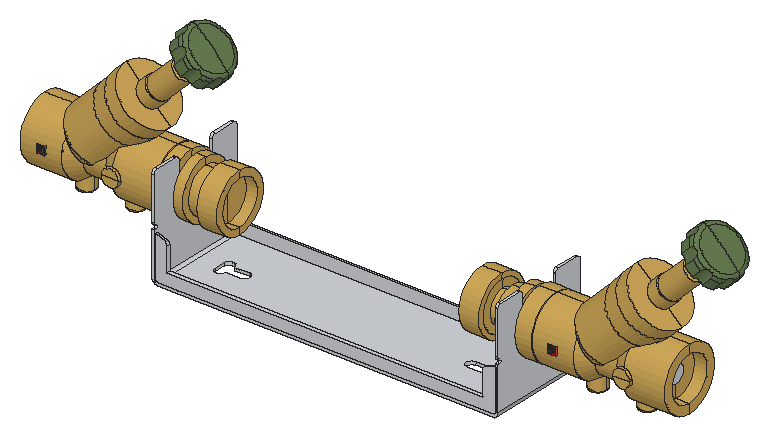
Revit family "HERZ Kit For Connection Of Water Meters 4126", category Rohrzubehör, Revit 2020
Family settings
  Bemaßung runder Anschluss = Durchmesser verwenden
  Teiletyp = Unterbricht
  OmniClass-Nummer = 23.65.55.14
  OmniClass-Titel = Valves for Liquid Services
  Arbeitsebenenbasiert = Nein
  Immer vertikal = Ja
  Beim Laden mit Abzugskörper schneiden = Nein
  Gemeinsam genutzt = Nein
Parameters
  Vorgabe-Ansicht = 0.000 mm
  Upper part = "DZR brass CC752S"  # constant formula
  Spring = "stainless steel 1.4310"  # constant formula
  Spindle seals = "double O-Ring"  # constant formula
  Sealing = "physiologically harmless material acc. to KTW"  # constant formula
  Operating pressure from the backflow preventer = "acc. to DIN EN 13959"  # constant formula
  W01 = 20.00°  # constant formula
  URL = "www.herzvalves.com"
  T03 [instance] = R02 - 3.000 mm  # 54.500 mm
  T02 = 17.000 mm  # constant formula
  T01 = 3.000 mm  # constant formula
  SW03 [instance] = size_lookup("4126W_", "SW3", 1.000 mm, Nennweite AG)  # 32.500 mm
  SW02 [instance] = size_lookup("4126W_", "SW2", 1.000 mm, Nennweite AG)  # 32.500 mm
  SW01 [instance] = size_lookup("4126W_", "SW1", 1.000 mm, Nennweite AG)  # 35.000 mm
  SC_NennweiteBerechnet = 0
  SC_Dimension = ""
  SCTWSEQ = "AW;SBT_TYP_AW=\"105\";2"
  SCTWCODE = "02;01;02"  # constant formula
  S05 [instance] = L02 + L12 - L03  # 214.500 mm
  S04 [instance] = L02 + L04 - L03  # 211.500 mm
  S03 = 10.000 mm  # constant formula
  S02 [instance] = Nennweite IG  # 50.000 mm
  S01 [instance] = L01 - L03  # 56.000 mm
  S = 3.000 mm  # constant formula
  R50 = 4.000 mm  # constant formula
  R02 [instance] = size_lookup("4126W_", "R2", 1.000 mm, Nennweite AG)  # 57.500 mm
  R01 [instance] = size_lookup("4126W_", "R1", 1.000 mm, Nennweite AG)  # 24.000 mm
  Part number [instance] = size_lookup("4126W_", "Artnr", 0, Nennweite AG)  # 2412666
  Note = "Pursuant to Article 33 of the REACH Regulation (EC No. 1907/2006), we are obliged to point out that the material lead is listed on the SVHC list and that all brass components manufactured in our products exceed 0.1% (w / w) lead (CAS: 7439-92-1 / EINECS: 231-100-4).\r\nSince lead is a component part of an alloy, actual exposure is not possible and therefore no additional information on safe use is necessary."
  Nennweite IG [instance] = size_lookup("4126W_", "DN1", 1.000 mm, Nennweite AG)  # 50.000 mm
  Nennweite AG [instance] = 50.000 mm
  Medium = "Water"  # constant formula
  Max. operating temperature = 80 °C  # constant formula
  Max. operating pressure = 1600000.0 Pa  # constant formula
  Max. differential pressure on closed seat = 1000000.0 Pa  # constant formula
  L99 [instance] = size_lookup("4126W_", "L99", 1.000 mm, Nennweite AG)  # 300.000 mm
  L15 = 2.000 mm  # constant formula
  L14 [instance] = size_lookup("4126W_", "L14", 1.000 mm, Nennweite AG)  # 64.000 mm
  L13 [instance] = size_lookup("4126W_", "L13", 1.000 mm, Nennweite AG)  # 54.500 mm
  L12 [instance] = size_lookup("4126W_", "L12", 1.000 mm, Nennweite AG)  # 39.500 mm
  L11 [instance] = size_lookup("4126W_", "L11", 1.000 mm, Nennweite AG)  # 70.000 mm
  L10 [instance] = size_lookup("4126W_", "L10", 1.000 mm, Nennweite AG)  # 15.000 mm
  L09 [instance] = size_lookup("4126W_", "L9", 1.000 mm, Nennweite AG)  # 25.500 mm
  L08 [instance] = size_lookup("4126W_", "L8", 1.000 mm, Nennweite AG)  # 13.400 mm
  L07 [instance] = size_lookup("4126W_", "L7", 1.000 mm, Nennweite AG)  # 22.000 mm
  L06 [instance] = size_lookup("4126W_", "L6", 1.000 mm, Nennweite AG)  # 25.000 mm
  L05 [instance] = size_lookup("4126W_", "L5", 1.000 mm, Nennweite AG)  # 35.500 mm
  L04 [instance] = size_lookup("4126W_", "L4", 1.000 mm, Nennweite AG)  # 36.500 mm
  L03 [instance] = size_lookup("4126W_", "L3", 1.000 mm, Nennweite AG)  # 21.000 mm
  L02 [instance] = (L00 / 2) + 1.000 mm  # 196.000 mm
  L01 [instance] = size_lookup("4126W_", "L1", 1.000 mm, Nennweite AG)  # 77.000 mm
  L00 [instance] = size_lookup("4126W_", "L", 1.000 mm, Nennweite AG)  # 390.000 mm
  Connections = "DZR brass CW262N"  # constant formula
  Hersteller = "HERZ Armaturen Ges.m.b.H."  # constant formula
  Hand wheel = "plastic, green"  # constant formula
  H01 [instance] = 75.000 mm  # constant formula
  H00 [instance] = 115.000 mm  # constant formula
  Occasional temperature rises = "up to 95°C, if they do not last longer than 1 h"  # constant formula
  G2 [instance] = Nennweite IG / 2  # 25.000 mm
  G1 [instance] = Nennweite AG / 2  # 25.000 mm
  DN50 [instance] = Nennweite AG = 50.000 mm  # yes
  DN40 [instance] = Nennweite AG = 40.000 mm  # no
  DN32 [instance] = Nennweite AG = 32.000 mm  # no
  DN25 [instance] = Nennweite AG = 25.000 mm  # no
  DN20 [instance] = Nennweite AG = 20.000 mm  # no
  D06 [instance] = size_lookup("4126W_", "D6", 1.000 mm, Nennweite AG)  # 21.500 mm
  D05 [instance] = size_lookup("4126W_", "D5", 1.000 mm, Nennweite AG)  # 27.000 mm
  D04 [instance] = size_lookup("4126W_", "D4", 1.000 mm, Nennweite AG)  # 18.200 mm
  D03 [instance] = size_lookup("4126W_", "D3", 1.000 mm, Nennweite AG)  # 25.000 mm
  D02 [instance] = size_lookup("4126W_", "D2", 1.000 mm, Nennweite AG)  # 25.000 mm
  D01 [instance] = size_lookup("4126W_", "D1", 1.000 mm, Nennweite AG)  # 22.500 mm
  Bracket = "galvanized sheet steel"  # constant formula
  Body = "DZR brass CC752S"  # constant formula
  Application = "The connection kit is used for mounting the water meter free of any tension or mechanical forces.\r\nThe HERZ – Kit for connection of water meters fulfills the requirements according to DIN 1988."
  ABvor [instance] = size_lookup("4126W_", "ABvor", 1.000 mm, Nennweite AG)  # 346.500 mm
  ABnach [instance] = size_lookup("4126W_", "ABnach", 1.000 mm, Nennweite AG)  # 349.500 mm
Reference planes
  plane 1 "Mitte (Vorne/hinten)": y = 0
  plane 2: z = 0
  plane 3 "Mitte (Links/rechts)": x = 0
Forms (mm)
  Extrusion 1, solid, detail levels fine
    sketch origin (0, 0, 0) x (1, 0, 0) y (0, 0, 1)
      loop
        line (195, 40) -> (192, 40) -> (192, -69)
        arc (192, -69) -> (191.121, -71.121) -> (189, -72) r 3
        line (189, -72) -> (-189, -72)
        arc (-189, -72) -> (-191.121, -71.121) -> (-192, -69) r 3
        line (-192, -69) -> (-192, 40) -> (-195, 40) -> (-195, -69)
        arc (-195, -69) -> (-193.243, -73.243) -> (-189, -75) r 6
        line (-189, -75) -> (189, -75)
        arc (189, -75) -> (193.243, -73.243) -> (195, -69) r 6
        line (195, -69) -> (195, 40)
    from -57.5 to 57.5
  Extrusion 2, solid, detail levels fine
    sketch origin (0, 0, 0) x (1, 0, 0) y (0, 0, 1)
      loop
        line (-192, -23.301) -> (-192, -69)
        arc (-192, -69) -> (-191.121, -71.121) -> (-189, -72) r 3
        line (-189, -72) -> (189, -72)
        arc (189, -72) -> (191.121, -71.121) -> (192, -69) r 3
        line (192, -69) -> (192, -23.301) -> (180.632, -27.439)
        arc (180.632, -27.439) -> (178.723, -28.904) -> (178, -31.198) r 4
        line (178, -31.198) -> (178, -58) -> (-178, -58) -> (-178, -31.198)
        arc (-178, -31.198) -> (-178.723, -28.904) -> (-180.632, -27.439) r 4
        line (-180.632, -27.439) -> (-192, -23.301)
    from -57.5 to -54.5
  Extrusion 3, void
    sketch origin (0, 0, 0) x (0, 1, 0) y (0, 0, 1)
      loop
        arc (-24, 0) -> (0, -24) -> (24, 0) r 24
        line (24, 0) -> (24, 36)
        arc (24, 36) -> (25.172, 38.828) -> (28, 40) r 4
        line (28, 40) -> (53.5, 40)
        arc (53.5, 40) -> (56.328, 38.828) -> (57.5, 36) r 4
        line (57.5, 36) -> (57.5, -13)
        arc (57.5, -13) -> (56.621, -15.121) -> (54.5, -16) r 3
        arc (54.5, -16) -> (52.5, -18) -> (54.5, -20) r 2
        line (54.5, -20) -> (65.5, -20) -> (65.5, 45) -> (-65.5, 45) -> (-65.5, -20) -> (-54.5, -20)
        arc (-54.5, -20) -> (-52.5, -18) -> (-54.5, -16) r 2
        arc (-54.5, -16) -> (-56.621, -15.121) -> (-57.5, -13) r 3
        line (-57.5, -13) -> (-57.5, 36)
        arc (-57.5, 36) -> (-56.328, 38.828) -> (-53.5, 40) r 4
        line (-53.5, 40) -> (-28, 40)
        arc (-28, 40) -> (-25.172, 38.828) -> (-24, 36) r 4
        line (-24, 36) -> (-24, 0)
    from 300 to -300
  Extrusion 4, void
    sketch origin (0, 0, 0) x (1, 0, 0) y (0, 1, 0)
      loop
        arc (119.097, 6.1) -> (112.997, 0) -> (119.097, -6.1) r 6.1
        line (119.097, -6.1) -> (158.897, -6.1)
        arc (158.897, -6.1) -> (164.997, 0) -> (158.897, 6.1) r 6.1
        line (158.897, 6.1) -> (119.097, 6.1)
      loop
        line (-165, 6.1) -> (-165, -6.1)
        arc (-165, -6.1) -> (-158.9, -12.2) -> (-152.8, -6.1) r 6.1
        line (-152.8, -6.1) -> (-136.1, -6.1)
        arc (-136.1, -6.1) -> (-130, 0) -> (-136.1, 6.1) r 6.1
        line (-136.1, 6.1) -> (-152.8, 6.1)
        arc (-152.8, 6.1) -> (-158.9, 12.2) -> (-165, 6.1) r 6.1
    from -75 to -72
  Revolve 5, solid, material "Messing, weicher Gelbton, geschweißt", detail levels fine
    sketch origin (0, 0, 0) x (1, 0, 0) y (0, 0, 1)
      loop
        line (-232.5, 0) -> (-155.5, 0) -> (-155.5, 25) -> (-180.5, 25) -> (-180.5, 32.5) -> (-191, 32.5) -> (-191, 22.5) -> (-196, 22.5) -> (-196, 35) -> (-211.5, 35) -> (-211.5, 25) -> (-232.5, 25) -> (-232.5, 0)
      axis (-232.5, 0) -> (-155.5, 0)
    angle from 0 to 360
  Revolve 6, solid, material "Messing, weicher Gelbton, geschweißt", detail levels fine
    sketch origin (0, 0, 0) x (1, 0, 0) y (0, 0, 1)
      loop
        line (-164.1, 0) -> (-155.5, 0) -> (-155.5, 25) -> (-142.1, 25) -> (-142.1, 32.5) -> (-164.1, 32.5) -> (-164.1, 0)
      axis (-164.1, 0) -> (-142.1, 0)
    angle from 0 to 360
  Revolve 7, solid, material "Messing, weicher Gelbton, geschweißt", detail levels fine
    sketch origin (0, 0, 0) x (-1, 0, 0) y (0, 0, 1)
      loop
        line (-235.5, 0) -> (-198, 0) -> (-198, 18.2) -> (-165.5, 18.2) -> (-165.5, 25) -> (-180.5, 25) -> (-180.5, 32.5) -> (-191, 32.5) -> (-191, 22.5) -> (-196, 22.5) -> (-196, 35) -> (-214.5, 35) -> (-214.5, 25) -> (-235.5, 25) -> (-235.5, 0)
      axis (-235.5, 0) -> (-165.5, 0)
    angle from 0 to 360
  Revolve 8, solid, material "Messing, weicher Gelbton, geschweißt", detail levels fine
    sketch origin (0, 0, 0) x (1, 0, 0) y (0, 0, 1)
      loop
        line (208.5, 0) -> (208.5, 18.2) -> (154, 18.2) -> (154, 27) -> (146.5, 27) -> (146.5, 21.5) -> (144.5, 21.5) -> (144.5, 0) -> (208.5, 0)
      axis (144.5, 0) -> (208.5, 0)
    angle from 0 to 360
  Revolve 9, solid, material "Messing, weicher Gelbton, geschweißt", detail levels fine
    sketch origin (-18.22, 0, 0) x (-1, 0, 0) y (0, 0, 1)
      loop
        line (-171.32, 0) -> (-162.72, 0) -> (-162.72, 25) -> (-149.32, 25) -> (-149.32, 32.5) -> (-171.32, 32.5) -> (-171.32, 0)
      axis (-171.32, 0) -> (-149.32, 0)
    angle from 0 to 360
  Extrusion 10, solid, detail levels fine
    sketch origin (0, 0, 0) x (1, 0, 0) y (0, 0, 1)
      loop
        line (-192, -23.301) -> (-192, -69)
        arc (-192, -69) -> (-191.121, -71.121) -> (-189, -72) r 3
        line (-189, -72) -> (189, -72)
        arc (189, -72) -> (191.121, -71.121) -> (192, -69) r 3
        line (192, -69) -> (192, -23.301) -> (180.632, -27.439)
        arc (180.632, -27.439) -> (178.723, -28.904) -> (178, -31.198) r 4
        line (178, -31.198) -> (178, -58) -> (-178, -58) -> (-178, -31.198)
        arc (-178, -31.198) -> (-178.723, -28.904) -> (-180.632, -27.439) r 4
        line (-180.632, -27.439) -> (-192, -23.301)
    from 54.5 to 57.5
  Extrusion 11, solid, detail levels fine
    sketch origin (55, 0, 0) x (0, 1, 0) y (0, 0, -1)
      loop
        circle (0, 0) r 10
    from 398.5 to 401.5
  Extrusion 12, solid, detail levels fine
    sketch origin (125, 0, 0) x (0, 1, 0) y (0, 0, -1)
      loop
        circle (0, 0) r 10
    from -224.5 to -221.5
Cuts and joins
  Extrusion 3, Extrusion 4 cuts Extrusion 1
Lines and regions (mm)
  model lines, detail levels coarse+medium
    curve 1: line (-211.5, 0, 0) -> (-155.5, 0, 0)
    curve 2: line (-155.5, 0, 25) -> (-155.5, 0, -25)
    curve 3: line (-155.5, 0, 25) -> (-165.5, 0, 25)
    curve 4: line (-165.5, 0, 25) -> (-155.5, 0, 0)
    curve 5: line (-155.5, 0, -25) -> (-165.5, 0, -25)
    curve 6: line (-165.5, 0, -25) -> (-155.5, 0, 0)
    curve 7: line (144.5, 0, 25) -> (144.5, 0, -25)
    curve 8: line (144.5, 0, 25) -> (154.5, 0, 25)
    curve 9: line (154.5, 0, 25) -> (144.5, 0, 0)
    curve 10: line (144.5, 0, -25) -> (154.5, 0, -25)
    curve 11: line (154.5, 0, -25) -> (144.5, 0, 0)
    curve 12: line (214.5, 0, 0) -> (144.5, 0, 0)
    curve 13: line (144.5, -25, 0) -> (144.5, 25, 0)
    curve 14: line (144.5, 25, 0) -> (154.5, 25, 0)
    curve 15: line (154.5, 25, 0) -> (144.5, 0, 0)
    curve 16: line (144.5, -25, 0) -> (154.5, -25, 0)
    curve 17: line (154.5, -25, 0) -> (144.5, 0, 0)
    curve 18: line (-155.5, -25, 0) -> (-155.5, 25, 0)
    curve 19: line (-155.5, 25, 0) -> (-165.5, 25, 0)
    curve 20: line (-165.5, 25, 0) -> (-155.5, 0, 0)
    curve 21: line (-155.5, -25, 0) -> (-165.5, -25, 0)
    curve 22: line (-165.5, -25, 0) -> (-155.5, 0, 0)
Dimensions and locks
  "H00": Extrusion 1 sketch curve to Extrusion 1 sketch curve  (x2)
  "T01": Extrusion 1 sketch curve to Extrusion 1 sketch curve  (x3)
  "L00": Extrusion 1 sketch curve to Extrusion 1 sketch curve
  equal spacing: Extrusion 1 sketch curve, plane 3 "Mitte (Links/rechts)", Extrusion 1 sketch curve
  "H01": plane 2 to Extrusion 1 sketch curve
  "T02": Extrusion 2 sketch curve to Extrusion 1
  "T02": Extrusion 1 to Extrusion 2 sketch curve  (x2)
  Extrusion 4 sketch curve to cut or joined group of Extrusion 1, Extrusion 3, Extrusion 4 = 36.103 mm
  Extrusion 4 sketch curve to Extrusion 4 sketch curve = 39.800 mm
  equal spacing: Extrusion 4 sketch curve, plane 1 "Mitte (Vorne/hinten)", Extrusion 4 sketch curve
  Extrusion 4 sketch curve to Extrusion 4 sketch curve = 12.200 mm
  cut or joined group of Extrusion 1, Extrusion 3, Extrusion 4 to Extrusion 4 sketch curve = 36.100 mm
  cut or joined group of Extrusion 1, Extrusion 3, Extrusion 4 to Extrusion 4 sketch curve = 58.900 mm
  "G1": Revolve 5 sketch curve to Revolve 5 sketch curve
  "L03": Revolve 5 sketch curve to Revolve 5 sketch curve
  "L01": Revolve 5 sketch curve to Revolve 5 sketch curve
  "L02": plane 3 "Mitte (Links/rechts)" to Revolve 5 sketch curve
  "SW01": Revolve 5 sketch curve to Revolve 5 sketch curve
  "SW02": Revolve 5 sketch curve to Revolve 5 sketch curve
  "D01": Revolve 5 sketch curve to Revolve 5 sketch curve
  "L04": Revolve 5 sketch curve to Revolve 5 sketch curve
  "L05": Revolve 5 sketch curve to Revolve 5 sketch curve
  "L06": Revolve 5 sketch curve to Revolve 5 sketch curve
  "D02": Revolve 5 sketch curve to Revolve 5 sketch curve
  "L07": Revolve 6 sketch curve to Revolve 6 sketch curve
  "SW03": Revolve 6 sketch curve to plane 2
  "G2": Revolve 6 sketch curve to plane 2
  "L08": Revolve 6 sketch curve to Revolve 5
  "L08": Revolve 6 sketch curve to Revolve 6 sketch curve
  "G1": Revolve 7 sketch curve to Revolve 7 sketch curve
  "L03": Revolve 7 sketch curve to Revolve 7 sketch curve
  "L11": Revolve 7 sketch curve to Revolve 7 sketch curve
  "SW01": Revolve 7 sketch curve to Revolve 7 sketch curve
  "SW02": Revolve 7 sketch curve to Revolve 7 sketch curve
  "D01": Revolve 7 sketch curve to Revolve 7 sketch curve
  "L12": Revolve 7 sketch curve to Revolve 7 sketch curve
  "L09": Revolve 7 sketch curve to Revolve 7 sketch curve
  "L10": Revolve 7 sketch curve to Revolve 7 sketch curve
  "D03": Revolve 7 sketch curve to Revolve 7 sketch curve
  "L02": plane 3 "Mitte (Links/rechts)" to Revolve 7 sketch curve
  "D04": Revolve 7 sketch curve to plane 2
  "D04": Revolve 8 sketch curve to Revolve 8 sketch curve
  "L13": Revolve 8 sketch curve to Revolve 8 sketch curve
  "L14": Revolve 8 sketch curve to Revolve 8 sketch curve
  "L15": Revolve 8 sketch curve to Revolve 8 sketch curve
  "D05": Revolve 8 sketch curve to Revolve 8 sketch curve
  "D06": Revolve 8 sketch curve to Revolve 8 sketch curve
  "L99": Revolve 5 to Revolve 8
  "L07": Revolve 9 sketch curve to Revolve 9 sketch curve
  "L08": Revolve 9 sketch curve to Revolve 9 sketch curve
  "L08": Revolve 8 to Revolve 9 sketch curve
  "T03": plane 1 "Mitte (Vorne/hinten)" to Extrusion 2
  "R02": cut or joined group of Extrusion 1, Extrusion 3, Extrusion 4 to plane 1 "Mitte (Vorne/hinten)" to cut or joined group of Extrusion 1, Extrusion 3, Extrusion 4
  "R02": plane 1 "Mitte (Vorne/hinten)" to Extrusion 2
  "R02": Extrusion 3 sketch curve to plane 1 "Mitte (Vorne/hinten)" to Extrusion 3 sketch curve
  "R01": Extrusion 3 sketch curve to plane 1 "Mitte (Vorne/hinten)" to Extrusion 3 sketch curve
  "T02": cut or joined group of Extrusion 1, Extrusion 3, Extrusion 4 to Extrusion 10 sketch curve  (x2)
  "T02": Extrusion 10 sketch curve to cut or joined group of Extrusion 1, Extrusion 3, Extrusion 4
  "T03": Extrusion 10 to plane 1 "Mitte (Vorne/hinten)"
  "R02": Extrusion 10 to plane 1 "Mitte (Vorne/hinten)"
  "G2": Revolve 9 sketch curve to plane 2
  "SW03": Revolve 9 sketch curve to level
  "S01": curve 1 to curve 1
  equal spacing: curve 2, plane 2, curve 2
  "S02": curve 2 to curve 2
  "S03": curve 4 to curve 2
  "S04": plane 3 "Mitte (Links/rechts)" to curve 1
  "S03": curve 6 to curve 2
  equal spacing: curve 7, plane 2, curve 7
  "S02": curve 7 to curve 7
  "S03": curve 9 to curve 7
  "S03": curve 11 to curve 7
  "S05": curve 12 to plane 3 "Mitte (Links/rechts)"
  "L99": curve 12 to curve 6
  equal spacing: curve 13, plane 1 "Mitte (Vorne/hinten)", curve 13
  "S02": curve 13 to curve 13
  "S03": curve 13 to curve 15
  "S03": curve 13 to curve 17
  equal spacing: curve 18, plane 1 "Mitte (Vorne/hinten)", curve 18
  "S02": curve 18 to curve 18
  "S03": curve 18 to curve 20
  "S03": curve 18 to curve 22
  "L99": curve 18 to Revolve 9
  "L99": Revolve 6 to curve 13
  "ABnach": Extrusion 12 to plane 3 "Mitte (Links/rechts)"
  "ABvor": plane 3 "Mitte (Links/rechts)" to Extrusion 11
  "S": Extrusion 11 to Extrusion 11
  "S": Extrusion 12 to Extrusion 12
  radius of Extrusion 4 sketch curve = 6.100 mm  (x3)
  "R50": radius of Extrusion 3 sketch curve  (x4)
  "W01": angle Extrusion 2 sketch curve to plane 2
  "W01": angle plane 2 to Extrusion 2 sketch curve
  "W01": angle Extrusion 10 sketch curve to plane 2
  "W01": angle plane 2 to Extrusion 10 sketch curve
  aligned and locked: level to plane 2
Automatic sketch dimensions
  plane 1 "Mitte (Vorne/hinten)" to Extrusion 4 sketch curve = 0.000 mm
  Extrusion 4 sketch curve to Extrusion 4 sketch curve = 0.000 mm  (x2)
  Extrusion 4 sketch curve to Extrusion 4 sketch curve = 6.100 mm
  Revolve 5 sketch curve to level = 0.000 mm  (x2)
  Revolve 5 sketch curve to Revolve 5 sketch curve = 1448.205 mm
  plane 3 "Mitte (Links/rechts)" to Revolve 5 sketch curve = 1739.472 mm
  Revolve 6 sketch curve to level = 0.000 mm  (x2)
  Revolve 6 sketch curve to Revolve 6 sketch curve = 1428.686 mm
  plane 3 "Mitte (Links/rechts)" to Revolve 6 sketch curve = 1839.148 mm
  Revolve 7 sketch curve to level = 0.000 mm  (x2)
  Revolve 7 sketch curve to Revolve 7 sketch curve = 2.000 mm
  Revolve 7 sketch curve to Revolve 7 sketch curve = 1448.205 mm
  plane 3 "Mitte (Links/rechts)" to Revolve 7 sketch curve = 1739.472 mm
  Revolve 9 sketch curve to level = 0.000 mm  (x2)
  Revolve 9 sketch curve to Revolve 9 sketch curve = 1428.686 mm
  plane 3 "Mitte (Links/rechts)" to Revolve 9 sketch curve = 1857.367 mm
  Extrusion 11 sketch curve to level = 0.000 mm
  Extrusion 11 sketch curve to plane 1 "Mitte (Vorne/hinten)" = 0.000 mm
  Extrusion 12 sketch curve to level = 0.000 mm
  Extrusion 12 sketch curve to plane 1 "Mitte (Vorne/hinten)" = 0.000 mm
  curve 12 to level = 0.000 mm
  curve 1 to level = 0.000 mm
  plane 1 "Mitte (Vorne/hinten)" to curve 15 = 0.000 mm
  plane 1 "Mitte (Vorne/hinten)" to curve 17 = 0.000 mm
  plane 1 "Mitte (Vorne/hinten)" to curve 20 = 0.000 mm
  plane 1 "Mitte (Vorne/hinten)" to curve 22 = 0.000 mm
  Extrusion 1 sketch curve to Extrusion 1 sketch curve = 0.000 mm  (x2)
  Extrusion 1 sketch curve to Extrusion 1 sketch curve = 3.000 mm  (x2)
  Extrusion 2 sketch curve to level = 27.439 mm  (x2)
  Extrusion 2 sketch curve to Extrusion 2 sketch curve = 2.632 mm  (x2)
  Extrusion 2 sketch curve to Extrusion 2 sketch curve = 4.000 mm  (x2)
  Extrusion 2 sketch curve to Extrusion 2 sketch curve = 11.000 mm  (x3)
  Extrusion 2 sketch curve to Extrusion 2 sketch curve = 11.368 mm
  Extrusion 2 sketch curve to level = 23.301 mm
  Extrusion 3 sketch curve to level = 0.000 mm
  Extrusion 3 sketch curve to Extrusion 3 sketch curve = 8.000 mm  (x2)
  Extrusion 3 sketch curve to Extrusion 3 sketch curve = 3.000 mm  (x2)
  Extrusion 3 sketch curve to level = 13.000 mm  (x2)
  Extrusion 3 sketch curve to Extrusion 3 sketch curve = 2.000 mm  (x3)
  Extrusion 3 sketch curve to Extrusion 3 sketch curve = 7.000 mm
  level to Extrusion 3 sketch curve = 36.000 mm  (x2)
  Extrusion 3 sketch curve to Extrusion 3 sketch curve = 9.000 mm
  Revolve 8 sketch curve to level = 0.000 mm  (x2)
  plane 3 "Mitte (Links/rechts)" to Revolve 8 sketch curve = 144.500 mm
  Revolve 8 sketch curve to plane 3 "Mitte (Links/rechts)" = 1506.530 mm
  Revolve 8 sketch curve to Revolve 8 sketch curve = 1759.148 mm
  Extrusion 10 sketch curve to level = 27.439 mm  (x2)
  Extrusion 10 sketch curve to Extrusion 10 sketch curve = 2.632 mm  (x2)
  Extrusion 10 sketch curve to Extrusion 10 sketch curve = 1.368 mm
  Extrusion 10 sketch curve to Extrusion 10 sketch curve = 11.000 mm  (x3)
  Extrusion 10 sketch curve to level = 23.301 mm
  Extrusion 10 sketch curve to Extrusion 10 sketch curve = 4.000 mm
  Extrusion 10 sketch curve to Extrusion 10 sketch curve = 11.368 mm
  radius of Extrusion 11 sketch curve = 10.000 mm
  radius of Extrusion 12 sketch curve = 10.000 mm
Nested families
  nested 1: "Rückflussverhinderer 4126" at (-182.5, 0, 0), visible <- "DN20", type "Rückflussverhinderer 4126"
    with S02 95.900 mm, S01 32.000 mm, R12 15.000 mm, R11 5.400 mm, R10 8.500 mm, R09 11.750 mm, R08 13.000 mm, R07 16.500 mm, R06 14.600 mm, R05 10.000 mm, R04 9.500 mm, R02 10.000 mm, R01 16.000 mm, Nennweite 20.000 mm, L16 12.000 mm, L15 12.400 mm, L14 8.000 mm, L12 33.500 mm, L11 12.500 mm, L10 11.000 mm, L09 15.500 mm, L08 30.100 mm, L07 13.500 mm, L06 34.500 mm, L05 26.500 mm, L04 25.500 mm, L02 8.000 mm, L01 24.000 mm, L00 75.000 mm, H01 26.400 mm, DN50 no, DN40 no, DN32 no, DN25-DN50 no, DN25 no, DN20 yes, DN15 no, Bestellnummer 2412602
  nested 2: "Rückflussverhinderer 4126" at (183.5, 0, 0), visible <- "DN20", type "Rückflussverhinderer 4126"
    with S02 95.900 mm, S01 32.000 mm, R12 15.000 mm, R11 5.400 mm, R10 8.500 mm, R09 11.750 mm, R08 13.000 mm, R07 16.500 mm, R06 14.600 mm, R05 10.000 mm, R04 9.500 mm, R02 10.000 mm, R01 16.000 mm, Nennweite 20.000 mm, L16 12.000 mm, L15 12.400 mm, L14 8.000 mm, L12 33.500 mm, L11 12.500 mm, L10 11.000 mm, L09 15.500 mm, L08 30.100 mm, L07 13.500 mm, L06 34.500 mm, L05 26.500 mm, L04 25.500 mm, L02 8.000 mm, L01 24.000 mm, L00 75.000 mm, H01 26.400 mm, DN50 no, DN40 no, DN32 no, DN25-DN50 no, DN25 no, DN20 yes, DN15 no, Bestellnummer 2412602
  nested 3: "Rückflussverhinderer 4126" at (-190, 0, 0), visible <- "DN25", type "Rückflussverhinderer 4126"
    with S02 113.800 mm, S01 41.000 mm, R12 19.500 mm, R11 6.000 mm, R10 9.000 mm, R09 12.750 mm, R08 14.000 mm, R07 20.000 mm, R06 17.750 mm, R05 12.500 mm, R04 9.500 mm, R02 12.500 mm, R01 20.500 mm, Nennweite 25.000 mm, L16 13.500 mm, L15 12.400 mm, L14 12.000 mm, L12 43.400 mm, L11 22.400 mm, L10 11.000 mm, L09 19.500 mm, L08 34.000 mm, L07 18.000 mm, L06 38.500 mm, L05 25.500 mm, L04 25.500 mm, L02 11.000 mm, L01 27.000 mm, L00 90.000 mm, H01 32.000 mm, DN50 no, DN40 no, DN32 no, DN25-DN50 yes, DN25 yes, DN20 no, DN15 no, Bestellnummer 2412603
  nested 4: "Rückflussverhinderer 4126" at (191, 0, 0), visible <- "DN25", type "Rückflussverhinderer 4126"
    with S02 113.800 mm, S01 41.000 mm, R12 19.500 mm, R11 6.000 mm, R10 9.000 mm, R09 12.750 mm, R08 14.000 mm, R07 20.000 mm, R06 17.750 mm, R05 12.500 mm, R04 9.500 mm, R02 12.500 mm, R01 20.500 mm, Nennweite 25.000 mm, L16 13.500 mm, L15 12.400 mm, L14 12.000 mm, L12 43.400 mm, L11 22.400 mm, L10 11.000 mm, L09 19.500 mm, L08 34.000 mm, L07 18.000 mm, L06 38.500 mm, L05 25.500 mm, L04 25.500 mm, L02 11.000 mm, L01 27.000 mm, L00 90.000 mm, H01 32.000 mm, DN50 no, DN40 no, DN32 no, DN25-DN50 yes, DN25 yes, DN20 no, DN15 no, Bestellnummer 2412603
  nested 5: "Rückflussverhinderer 4126" at (-200, 0, 0), visible <- "DN32", type "Rückflussverhinderer 4126"
    with S02 129.700 mm, S01 50.000 mm, R12 24.000 mm, R11 6.000 mm, R10 9.000 mm, R09 12.750 mm, R08 14.000 mm, R07 25.000 mm, R06 24.000 mm, R05 16.000 mm, R04 9.500 mm, R02 16.000 mm, R01 25.000 mm, Nennweite 32.000 mm, L16 16.500 mm, L15 12.400 mm, L14 12.000 mm, L12 47.300 mm, L11 26.300 mm, L10 11.000 mm, L09 10.000 mm, L08 52.700 mm, L07 20.000 mm, L06 60.000 mm, L05 28.600 mm, L04 27.500 mm, L02 7.500 mm, L01 33.000 mm, L00 110.000 mm, H01 39.000 mm, DN50 no, DN40 no, DN32 yes, DN25-DN50 yes, DN25 no, DN20 no, DN15 no, Bestellnummer 2412604
  nested 6: "Rückflussverhinderer 4126" at (201, 0, 0), visible <- "DN32", type "Rückflussverhinderer 4126"
    with S02 129.700 mm, S01 50.000 mm, R12 24.000 mm, R11 6.000 mm, R10 9.000 mm, R09 12.750 mm, R08 14.000 mm, R07 25.000 mm, R06 24.000 mm, R05 16.000 mm, R04 9.500 mm, R02 16.000 mm, R01 25.000 mm, Nennweite 32.000 mm, L16 16.500 mm, L15 12.400 mm, L14 12.000 mm, L12 47.300 mm, L11 26.300 mm, L10 11.000 mm, L09 10.000 mm, L08 52.700 mm, L07 20.000 mm, L06 60.000 mm, L05 28.600 mm, L04 27.500 mm, L02 7.500 mm, L01 33.000 mm, L00 110.000 mm, H01 39.000 mm, DN50 no, DN40 no, DN32 yes, DN25-DN50 yes, DN25 no, DN20 no, DN15 no, Bestellnummer 2412604
  nested 7: "Rückflussverhinderer 4126" at (-274.5, 0, 0), visible <- "DN40", type "Rückflussverhinderer 4126"
    with S02 143.400 mm, S01 55.000 mm, R12 26.500 mm, R11 6.000 mm, R10 9.000 mm, R09 12.750 mm, R08 14.000 mm, R07 28.500 mm, R06 27.000 mm, R05 20.000 mm, R04 9.500 mm, R02 20.000 mm, R01 27.500 mm, Nennweite 40.000 mm, L16 19.000 mm, L15 12.400 mm, L14 14.000 mm, L12 50.000 mm, L11 28.000 mm, L10 12.000 mm, L09 15.000 mm, L08 51.500 mm, L07 21.000 mm, L06 66.000 mm, L05 32.000 mm, L04 31.000 mm, L02 9.000 mm, L01 38.000 mm, L00 120.000 mm, H01 40.000 mm, DN50 no, DN40 yes, DN32 no, DN25-DN50 yes, DN25 no, DN20 no, DN15 no, Bestellnummer 2412605
  nested 8: "Rückflussverhinderer 4126" at (274.5, 0, 0), visible <- "DN40", type "Rückflussverhinderer 4126"
    with S02 143.400 mm, S01 55.000 mm, R12 26.500 mm, R11 6.000 mm, R10 9.000 mm, R09 12.750 mm, R08 14.000 mm, R07 28.500 mm, R06 27.000 mm, R05 20.000 mm, R04 9.500 mm, R02 20.000 mm, R01 27.500 mm, Nennweite 40.000 mm, L16 19.000 mm, L15 12.400 mm, L14 14.000 mm, L12 50.000 mm, L11 28.000 mm, L10 12.000 mm, L09 15.000 mm, L08 51.500 mm, L07 21.000 mm, L06 66.000 mm, L05 32.000 mm, L04 31.000 mm, L02 9.000 mm, L01 38.000 mm, L00 120.000 mm, H01 40.000 mm, DN50 no, DN40 yes, DN32 no, DN25-DN50 yes, DN25 no, DN20 no, DN15 no, Bestellnummer 2412605
  nested 9: "Rückflussverhinderer 4126" at (-286.5, 0, 0), visible <- "DN50", type "Rückflussverhinderer 4126"
    with S02 182.900 mm, S01 70.000 mm, R12 34.000 mm, R11 6.000 mm, R10 9.000 mm, R09 13.000 mm, R08 14.000 mm, R07 35.000 mm, R06 33.500 mm, R05 25.000 mm, R04 9.500 mm, R02 25.000 mm, R01 35.000 mm, Nennweite 50.000 mm, L16 23.500 mm, L15 12.400 mm, L14 19.000 mm, L12 66.500 mm, L11 41.000 mm, L10 15.500 mm, L09 17.500 mm, L08 66.000 mm, L07 31.500 mm, L06 86.500 mm, L05 36.500 mm, L04 37.500 mm, L02 13.000 mm, L01 47.000 mm, L00 150.000 mm, H01 45.000 mm, DN50 yes, DN40 no, DN32 no, DN25-DN50 yes, DN25 no, DN20 no, DN15 no, Bestellnummer 2412606
  nested 10: "Rückflussverhinderer 4126" at (289.5, 0, 0), visible <- "DN50", type "Rückflussverhinderer 4126"
    with S02 182.900 mm, S01 70.000 mm, R12 34.000 mm, R11 6.000 mm, R10 9.000 mm, R09 13.000 mm, R08 14.000 mm, R07 35.000 mm, R06 33.500 mm, R05 25.000 mm, R04 9.500 mm, R02 25.000 mm, R01 35.000 mm, Nennweite 50.000 mm, L16 23.500 mm, L15 12.400 mm, L14 19.000 mm, L12 66.500 mm, L11 41.000 mm, L10 15.500 mm, L09 17.500 mm, L08 66.000 mm, L07 31.500 mm, L06 86.500 mm, L05 36.500 mm, L04 37.500 mm, L02 13.000 mm, L01 47.000 mm, L00 150.000 mm, H01 45.000 mm, DN50 yes, DN40 no, DN32 no, DN25-DN50 yes, DN25 no, DN20 no, DN15 no, Bestellnummer 2412606
Connectors
  piping at (-346.5, 0, 0), diameter 50, driven by "Nennweite AG"
    settings: on Extrusion 11, index 1, connector inside diameter 609.6 mm, connector length 0.000 mm, flow factor 0, pipe flow 0.0 L/s, pressure drop 0.0 Pa, fitting loss kfactor 0, connector angle 0.00°, fixture units 0, engagement length 0.000 mm, angle of deflection 0.00°, flow configuration 0, flow direction 1, fitting loss method 0, system type 20, joint type 0, gender type 0, connector reference index -1, connector utility 0, adjustable connector no, is connector primary yes, connector description ""
  piping at (349.5, 0, 0), diameter 50, driven by "Nennweite AG"
    settings: on Extrusion 12, index 2, connector inside diameter 609.6 mm, connector length 0.000 mm, flow factor 0, pipe flow 0.0 L/s, pressure drop 0.0 Pa, fitting loss kfactor 0, connector angle 0.00°, fixture units 0, engagement length 0.000 mm, angle of deflection 0.00°, flow configuration 0, flow direction 2, fitting loss method 0, system type 20, joint type 0, gender type 0, connector reference index -1, connector utility 0, adjustable connector no, is connector primary no, connector description ""
Definition of nested family "Rückflussverhinderer 4126"
  Parameters (values of type "Rückflussverhinderer 4126")
    W01 = 45.00°  # constant formula
    Default Elevation = 0.000 mm
    URL = "www.herz-armaturen.at"
    Spindel = "geschmiedetes Messing CW617N"  # constant formula
    SW01 = 60.00°  # constant formula
    SC_NennweiteBerechnet = 0
    SC_Dimension = ""
    SCTWSEQ = "FW;SBT_TYP_FW=\"109\";2"
    SCTWCODE = "04;00;02"  # constant formula
    S03 = 60.000 mm  # constant formula
    S02 [instance] = L06 + L09 + L12 + L15  # 95.900 mm
    S01 [instance] = R01 * 2  # 32.000 mm
    R12 [instance] = R01 - 1.000 mm  # 15.000 mm
    R11 [instance] = size_lookup("4126_", "R11", 46.500 mm, Nennweite)  # 5.400 mm
    R100 = 1.000 mm  # constant formula
    R10 [instance] = size_lookup("4126_", "R10", 46.500 mm, Nennweite)  # 8.500 mm
    R09 [instance] = size_lookup("4126_", "R9", 46.500 mm, Nennweite)  # 11.750 mm
    R08 [instance] = size_lookup("4126_", "R8", 46.500 mm, Nennweite)  # 13.000 mm
    R07 [instance] = size_lookup("4126_", "R7", 46.500 mm, Nennweite)  # 16.500 mm
    R06 [instance] = size_lookup("4126_", "R6", 43.000 mm, Nennweite)  # 14.600 mm
    R05 [instance] = Nennweite / 2  # 10.000 mm
    R04 [instance] = size_lookup("4126_", "R4", 11.500 mm, Nennweite)  # 9.500 mm
    R03 = 9.500 mm  # constant formula
    R02 [instance] = Nennweite / 2  # 10.000 mm
    R01 [instance] = size_lookup("4126_", "R1", 11.500 mm, Nennweite)  # 16.000 mm
    Nennweite [instance] = 20.000 mm
    Max.Betriebstemperatur = 80 °C  # constant formula
    Max.Betriebsdruck = 1600000.0 Pa  # constant formula
    L16 [instance] = L01 / 2  # 12.000 mm
    L15 [instance] = size_lookup("4126_", "L15", 12.400 mm, Nennweite)  # 12.400 mm
    L14 [instance] = size_lookup("4126_", "L14", 81.000 mm, Nennweite)  # 8.000 mm
    L12 [instance] = size_lookup("4126_", "L12", 81.000 mm, Nennweite)  # 33.500 mm
    L11 [instance] = size_lookup("4126_", "L11", 60.000 mm, Nennweite)  # 12.500 mm
    L10 [instance] = size_lookup("4126_", "L10", 20.000 mm, Nennweite)  # 11.000 mm
    L09 [instance] = size_lookup("4126_", "L9", 11.000 mm, Nennweite)  # 15.500 mm
    L08 [instance] = size_lookup("4126_", "L8", 35.000 mm, Nennweite)  # 30.100 mm
    L07 [instance] = size_lookup("4126_", "L7", 35.000 mm, Nennweite)  # 13.500 mm
    L06 [instance] = size_lookup("4126_", "L6", 118.000 mm, Nennweite) - L09  # 34.500 mm
    L05 [instance] = size_lookup("4126_", "L5", 44.000 mm, Nennweite)  # 26.500 mm
    L04 [instance] = size_lookup("4126_", "L4", 45.000 mm, Nennweite)  # 25.500 mm
    L03 = 15.000 mm  # constant formula
    L02 [instance] = size_lookup("4126_", "L2", 22.000 mm, Nennweite)  # 8.000 mm
    L01 [instance] = size_lookup("4126_", "L1", 48.000 mm, Nennweite)  # 24.000 mm
    L00 [instance] = size_lookup("4126_", "L", 180.000 mm, Nennweite)  # 75.000 mm
    Kegel = "geschmiedetes Messing CW617N"  # constant formula
    Manufacturer = "Herz-Armaturen GmbH"  # constant formula
    Handrad = "Kunststoff, grün"  # constant formula
    H01 [instance] = size_lookup("4126_", "H1", 53.000 mm, Nennweite)  # 26.400 mm
    Gehäuse = "entzinkungsbeständiges Gussmessing CC770S"  # constant formula
    DN50 [instance] = Nennweite = 50.000 mm  # no
    DN40 [instance] = Nennweite = 40.000 mm  # no
    DN32 [instance] = Nennweite = 32.000 mm  # no
    DN25-DN50 [instance] = or(Nennweite = 25.000 mm, Nennweite = 32.000 mm, Nennweite = 40.000 mm, Nennweite = 50.000 mm)  # no
    DN25 [instance] = Nennweite = 25.000 mm  # no
    DN20 [instance] = Nennweite = 20.000 mm  # yes
    DN15 [instance] = Nennweite = 15.000 mm  # no
    Bestellnummer [instance] = size_lookup("4126_", "Artnr", 0, Nennweite)  # 2412602
    Anwendungsgebiet = "Zum Absperren von Trinkwasserleitungen und -anlagen in Gebäuden\r\nMax. Betreibstemp.: 80°C (gelegentlicher Temperaturansteig bis 95°C sind zulässig, wenn sie nicht länger als 1h andauern)\r\nMax. Betiebsdruck: 10bar"
  Reference planes
    plane 1 "Mitte (Vorne/hinten)": y = 0
    plane 2: z = 0
    plane 3 "Mitte (Links/rechts)": x = 0
  Forms (mm)
    Revolve 1, solid, detail levels fine
      sketch origin (470, 0, 0) x (1, 0, 0) y (0, 0, 1)
        loop
          line (-507.5, 10) -> (-492.5, 10) -> (-492.5, 0) -> (-447.5, 0) -> (-447.5, 10) -> (-432.5, 10) -> (-432.5, 16) -> (-456.5, 16) -> (-462, 10) -> (-478, 10) -> (-483.5, 16) -> (-507.5, 16) -> (-507.5, 10)
        axis (-507.5, 0) -> (-432.5, 0)
      angle from 0 to 360
    Revolve 2, solid, detail levels fine
      sketch origin (470, 0, 0) x (1, 0, 0) y (0, 0, 1)
        loop
          line (-493, 0) -> (-493, -25.4)
          arc (-493, -25.4) -> (-492.707, -26.107) -> (-492, -26.4) r 1
          line (-492, -26.4) -> (-483.5, -26.4) -> (-483.5, 0) -> (-493, 0)
        axis (-483.5, 0) -> (-483.5, -26.4)
      angle from 0 to 360
    Revolve 3, solid, detail levels fine
      sketch origin (0, 0, 0) x (1, 0, 0) y (0, 1, 0)
        loop
          line (13.5, -25.5) -> (23, -25.5) -> (23, 26.5) -> (13.5, 26.5) -> (13.5, -25.5)
        axis (13.5, -25.5) -> (13.5, 26.5)
      angle from 0 to 360
    Revolve 4, solid, visible <- "DN25-DN50", detail levels fine
      sketch origin (-470, 0, 0) x (-1, 0, 0) y (0, 0, 1)
        loop
          line (-493, 0) -> (-493, -25.4)
          arc (-493, -25.4) -> (-492.707, -26.107) -> (-492, -26.4) r 1
          line (-492, -26.4) -> (-483.5, -26.4) -> (-483.5, 0) -> (-493, 0)
        axis (-483.5, 0) -> (-483.5, -26.4)
      angle from 0 to 360
    Revolve 5, solid, detail levels fine
      sketch origin (0.32, 0, -0.105) x (1, 0, 0) y (0, 0, 1)
        loop
          line (-13.82, 0) -> (53.991, 67.812) -> (50.173, 71.63) -> (41.405, 62.862) -> (39.213, 65.054) -> (32.142, 57.983) -> (29.844, 60.281) -> (21.005, 51.442) -> (20.121, 52.326) -> (12.343, 44.548) -> (9.868, 47.023) -> (-1.092, 36.062) -> (-2.86, 31.608) -> (-18.487, 15.981) -> (-20.891, 7.071) -> (-13.82, 0)
        axis (-13.82, 0) -> (53.991, 67.812)
      angle from 0 to 360
  Lines and regions (mm)
    model lines, detail levels coarse+medium
      curve 1: line (-37.5, 0, 16) -> (-37.5, 0, -16)
      curve 2: line (-37.5, 0, -16) -> (37.5, 0, 16)
      curve 3: line (37.5, 0, 16) -> (37.5, 0, -16)
      curve 4: line (37.5, 0, -16) -> (-37.5, 0, 16)
      curve 5: line (0, 0, 0) -> (47.95, 0, 83.052)
      curve 6: line (21.969, 0, 98.052) -> (73.931, 0, 68.052)
      curve 7: line (-37.5, -16, 0) -> (-37.5, 16, 0)
      curve 8: line (-37.5, 16, 0) -> (37.5, -16, 0)
      curve 9: line (37.5, -16, 0) -> (37.5, 16, 0)
      curve 10: line (37.5, 16, 0) -> (-37.5, -16, 0)
      curve 11: line (0, 0, 0) -> (47.95, 83.052, 0)
      curve 12: line (21.969, 98.052, 0) -> (73.931, 68.052, 0)
  Dimensions and locks
    "H01": plane 2 to Revolve 2 sketch curve
    "L00": Revolve 1 sketch curve to Revolve 1 sketch curve
    equal spacing: Revolve 1 sketch curve, plane 3 "Mitte (Links/rechts)", Revolve 1 sketch curve
    "R01": Revolve 1 sketch curve to Revolve 1 sketch curve  (x2)
    "R02": Revolve 1 sketch curve to Revolve 1 sketch curve  (x3)
    "L01": Revolve 1 sketch curve to Revolve 1 sketch curve  (x2)
    "L02": plane 3 "Mitte (Links/rechts)" to Revolve 1 sketch curve
    "L02": Revolve 1 sketch curve to plane 3 "Mitte (Links/rechts)"
    "L03": Revolve 1 sketch curve to Revolve 1 sketch curve  (x2)
    "L01": Revolve 1 to Revolve 2 sketch curve
    "R03": Revolve 2 sketch curve to Revolve 2 sketch curve
    "L01": Revolve 4 sketch curve to Revolve 1
    "R03": Revolve 4 sketch curve to Revolve 4 sketch curve
    "H01": plane 2 to Revolve 4 sketch curve
    "L04": Revolve 3 sketch curve to plane 1 "Mitte (Vorne/hinten)"
    "L05": plane 1 "Mitte (Vorne/hinten)" to Revolve 3 sketch curve
    "R04": Revolve 3 sketch curve to Revolve 3 sketch curve
    "L01": Revolve 3 sketch curve to Revolve 1
    "R07": Revolve 5 sketch curve to Revolve 5 sketch curve
    "L07": plane 3 "Mitte (Links/rechts)" to Revolve 5 sketch curve
    "R05": Revolve 5 sketch curve to Revolve 5 sketch curve
    "L06": Revolve 5 sketch curve to Revolve 5 sketch curve
    "L08": Revolve 5 sketch curve to Revolve 5 sketch curve
    "R06": Revolve 5 sketch curve to Revolve 5 sketch curve
    "L14": Revolve 5 sketch curve to Revolve 5 sketch curve
    "L09": Revolve 5 sketch curve to Revolve 5 sketch curve
    "R08": Revolve 5 sketch curve to Revolve 5 sketch curve
    "L10": Revolve 5 sketch curve to Revolve 5 sketch curve
    "R09": Revolve 5 sketch curve to Revolve 5 sketch curve
    "R10": Revolve 5 sketch curve to Revolve 5 sketch curve
    "L12": Revolve 5 sketch curve to Revolve 5 sketch curve
    "R11": Revolve 5 sketch curve to Revolve 5 sketch curve
    "L15": Revolve 5 sketch curve to Revolve 5 sketch curve
    "L11": Revolve 5 sketch curve to Revolve 5 sketch curve
    "R12": nested 7 to plane 1 "Mitte (Vorne/hinten)"
    "L16": Revolve 1 to nested 7
    "L00": curve 1 to curve 3
    "S01": curve 4 to curve 2
    "S01": curve 3 to curve 4
    equal spacing: curve 4, plane 2, curve 2
    equal spacing: curve 3, plane 2, curve 4
    "S02": curve 5 to curve 5
    equal spacing: curve 6, curve 5, curve 6
    "S03": curve 6 to curve 6
    "L00": curve 7 to curve 9
    "S01": curve 10 to curve 8
    curve 9 to curve 10 = 32.000 mm
    equal spacing: curve 12, curve 11, curve 12
    "S03": curve 12 to curve 12
    "S02": curve 11 to curve 11
    equal spacing: curve 10, plane 1 "Mitte (Vorne/hinten)", curve 8
    equal spacing: curve 9, plane 1 "Mitte (Vorne/hinten)", curve 10
    equal spacing: curve 7, plane 3 "Mitte (Links/rechts)", curve 9
    equal spacing: Revolve 1, curve 5, Revolve 1
    equal spacing: curve 7, curve 11, Revolve 1
    equal spacing: curve 1, plane 3 "Mitte (Links/rechts)", curve 3
    "R100": radius of Revolve 2 sketch curve
    "R100": radius of Revolve 4 sketch curve
    "W01": angle plane 2 to Revolve 5 sketch curve
    "W01": angle level to Revolve 5 sketch curve
    "SW01": angle plane 2 to curve 5
    "SW01": angle plane 1 "Mitte (Vorne/hinten)" to curve 11
    aligned and locked: level to plane 2
  Automatic sketch dimensions
    curve 5 to level = 0.000 mm
    plane 1 "Mitte (Vorne/hinten)" to curve 11 = 0.000 mm
    Revolve 1 sketch curve to level = 0.000 mm  (x2)
    Revolve 1 sketch curve to Revolve 1 sketch curve = 791.990 mm
    Revolve 1 sketch curve to Revolve 1 sketch curve = 2278.983 mm
    Revolve 2 sketch curve to level = 0.000 mm  (x2)
    Revolve 2 sketch curve to Revolve 2 sketch curve = 0.000 mm
    Revolve 2 sketch curve to Revolve 2 sketch curve = 0.292 mm
    Revolve 3 sketch curve to Revolve 3 sketch curve = 0.000 mm  (x3)
    Revolve 4 sketch curve to level = 0.000 mm  (x2)
    Revolve 4 sketch curve to Revolve 4 sketch curve = 0.000 mm
    Revolve 4 sketch curve to Revolve 4 sketch curve = 0.292 mm
    Revolve 5 sketch curve to level = 0.105 mm
    Revolve 5 sketch curve to Revolve 5 sketch curve = 0.000 mm  (x2)
  Nested families
    nested 1: "Strömax-Handrad_Schrägsitz (Grün)" at (42.584, 0, 54.979), visible <- "DN15", type "Strömax-Handrad_Schrägsitz (Grün)", detail levels fine
      with Nennweite 0.000 mm, Gewicht 0.00 kg, Bestellnummer 0
    nested 2: "Strömax-Handrad_Schrägsitz (Grün)" at (54.312, 0, 67.707), visible <- "DN20", type "Strömax-Handrad_Schrägsitz (Grün)", detail levels fine
      with Nennweite 0.000 mm, Gewicht 0.00 kg, Bestellnummer 0
    nested 3: "Strömax-Handrad_Schrägsitz (Grün)" at (62.469, 0, 80.364), visible <- "DN25", type "Strömax-Handrad_Schrägsitz (Grün)", detail levels fine
      with Nennweite 0.000 mm, Gewicht 0.00 kg, Bestellnummer 0
    nested 4: "Strömax-Handrad_Schrägsitz (Grün)" at (71.712, 0, 91.607), visible <- "DN32", type "Strömax-Handrad_Schrägsitz (Grün)", detail levels fine
      with Nennweite 0.000 mm, Gewicht 0.00 kg, Bestellnummer 0
    nested 5: "Strömax-Handrad_Schrägsitz (Grün)" at (80.399, 0, 101.294), visible <- "DN40", type "Strömax-Handrad_Schrägsitz (Grün)", detail levels fine
      with Nennweite 0.000 mm, Gewicht 0.00 kg, Bestellnummer 0
    nested 6: "Strömax-Handrad_Schrägsitz (Grün)" at (97.83, 0, 129.225), visible <- "DN50", type "Strömax-Handrad_Schrägsitz (Grün)", detail levels fine
      with Nennweite 0.000 mm, Gewicht 0.00 kg, Bestellnummer 0
    nested 7: "Herz-Logo-vorne" at (-25.5, -15.732, 0) x (0, 1, 0) z (0, 0, 1), type "Herz-Logo-vorne", detail levels fine
  Connectors
    piping at (-22.5, 0, 0), diameter 20, driven by "Nennweite"
      settings: on Revolve 1, index 1, connector inside diameter 609.6 mm, connector length 0.000 mm, flow factor 0, pipe flow 0.0 L/s, pressure drop 0.0 Pa, fitting loss kfactor 0, connector angle 0.00°, fixture units 0, engagement length 0.000 mm, angle of deflection 0.00°, flow configuration 0, flow direction 1, fitting loss method 0, system type 29, joint type 0, gender type 0, connector reference index -1, connector utility 0, adjustable connector no, is connector primary yes, connector description ""
    piping at (22.5, 0, 0), diameter 20, driven by "Nennweite"
      settings: on Revolve 1, index 2, connector inside diameter 609.6 mm, connector length 0.000 mm, flow factor 0, pipe flow 0.0 L/s, pressure drop 0.0 Pa, fitting loss kfactor 0, connector angle 0.00°, fixture units 0, engagement length 0.000 mm, angle of deflection 0.00°, flow configuration 0, flow direction 2, fitting loss method 0, system type 29, joint type 0, gender type 0, connector reference index -1, connector utility 0, adjustable connector no, is connector primary no, connector description ""
  Definition of nested family "Strömax-Handrad_Schrägsitz (Grün)"
    Parameters (values of type "Strömax-Handrad_Schrägsitz (Grün)")
      Default Elevation = 0.000 mm
      URL = "www.herz-armaturen.at"
      Nennweite [instance] = 0.000 mm
      Manufacturer = "Herz Armaturen GmbH"  # constant formula
      Gewicht [instance] = 0.00 kg
      Bestellnummer [instance] = 0
    Reference planes
      plane 1 "Mitte (Vorne/hinten)": y = 0
      plane 2: z = 0
      plane 3 "Mitte (Links/rechts)": x = 0
    Forms (mm)
      Revolve 1, solid
        sketch origin (0, 0, 0) x (0.707107, 0, -0.707107) y (0.707107, 0, 0.707107)
          loop
            line (0, 0) -> (0, 22)
            arc (0, 22) -> (-12.15, 21.705) -> (-24.271, 20.819) r 250
            arc (-24.271, 20.819) -> (-26.831, 19.959) -> (-28.754, 18.063) r 6
            arc (-28.754, 18.063) -> (-29.682, 16.008) -> (-30, 13.776) r 8
            line (-30, 13.776) -> (-30, 0) -> (0, 0)
          axis (0, 22) -> (0, 0)
        angle from 0 to 360
      Extrusion 2, void
        sketch origin (0, 0, 0) x (0.707107, 0, -0.707107) y (0, 1, 0)
          loop
            circle (14.351, -34.645) r 10
        from 0 to 22
      Extrusion 3, void
        sketch origin (0, 0, 0) x (-0.707107, 0, 0.707107) y (0, -1, 0)
          loop
            circle (14.351, 34.645) r 10
        from 0 to 22
      Extrusion 4, void
        sketch origin (0, 0, 0) x (0, -1, 0) y (0.707107, 0, -0.707107)
          loop
            circle (14.351, 34.645) r 10
        from 0 to 22
      Extrusion 5, void
        sketch origin (0, 0, 0) x (0, 1, 0) y (-0.707107, 0, 0.707107)
          loop
            circle (14.351, -34.645) r 10
        from 0 to 22
      Extrusion 6, void
        sketch origin (0, 0, 0) x (0, -1, 0) y (0.707107, 0, -0.707107)
          loop
            circle (14.351, -34.645) r 10
        from 0 to 22
      Extrusion 7, void
        sketch origin (0, 0, 0) x (0, 1, 0) y (-0.707107, 0, 0.707107)
          loop
            circle (14.351, 34.645) r 10
        from 0 to 22
      Extrusion 8, void
        sketch origin (0, 0, 0) x (0.707107, 0, -0.707107) y (0, 1, 0)
          loop
            circle (14.351, 34.645) r 10
        from 0 to 22
      Extrusion 9, void
        sketch origin (0, 0, 0) x (-0.707107, 0, 0.707107) y (0, -1, 0)
          loop
            circle (14.351, -34.645) r 10
        from 0 to 22
    Cuts and joins
      Extrusion 2, Extrusion 3, Extrusion 4, Extrusion 5, Extrusion 6, Extrusion 7, Extrusion 8, Extrusion 9 cuts Revolve 1
    Dimensions and locks
      aligned and locked: level to plane 2
  Definition of nested family "Herz-Logo-vorne"
    Parameters (values of type "Herz-Logo-vorne")
      Default Elevation = 0.000 mm
    Reference planes
      plane 1 "Mitte (Vorne/hinten)": y = 0
      plane 2: z = 0
      plane 3 "Mitte (Links/rechts)": x = 0
    Forms (mm)
      Extrusion 1, solid
        sketch origin (0.732, -0.018, 0.017) x (0, -1, 0) y (0, 0, 1)
          loop
            line (-0.018, -4.517) -> (4.482, -4.517) -> (4.482, 4.483) -> (-4.518, 4.483) -> (-4.518, -4.517) -> (-0.018, -4.517)
          loop
            line (-0.05, -3.48) -> (3.482, -3.48) -> (3.482, 3.483) -> (-3.518, 3.483) -> (-3.518, -3.48) -> (-0.05, -3.48)
          loop
            arc (-0.018, 2.383) -> (-1.543, 3.287) -> (-3.067, 2.383) r 1.738
            arc (-3.067, 2.383) -> (-3.191, 1.899) -> (-3.067, 1.415) r 1.009
            line (-3.067, 1.415) -> (-0.018, -3.281) -> (3.032, 1.415)
            arc (3.032, 1.415) -> (3.156, 1.899) -> (3.032, 2.383) r 1.009
            arc (3.032, 2.383) -> (1.507, 3.287) -> (-0.018, 2.383) r 1.738
          loop
            arc (1.885, 1.272) -> (2.005, 1.675) -> (1.885, 2.079) r 0.74
            arc (1.885, 2.079) -> (1.265, 2.416) -> (0.644, 2.079) r 0.74
            line (0.644, 2.079) -> (-0.018, 0.97) -> (-0.679, 2.079)
            arc (-0.679, 2.079) -> (-1.3, 2.416) -> (-1.921, 2.079) r 0.74
            arc (-1.921, 2.079) -> (-2.04, 1.675) -> (-1.921, 1.272) r 0.74
            line (-1.921, 1.272) -> (-0.018, -1.658) -> (1.885, 1.272)
        from 0 to 1.5
    Dimensions and locks
      aligned and locked: level to plane 2
